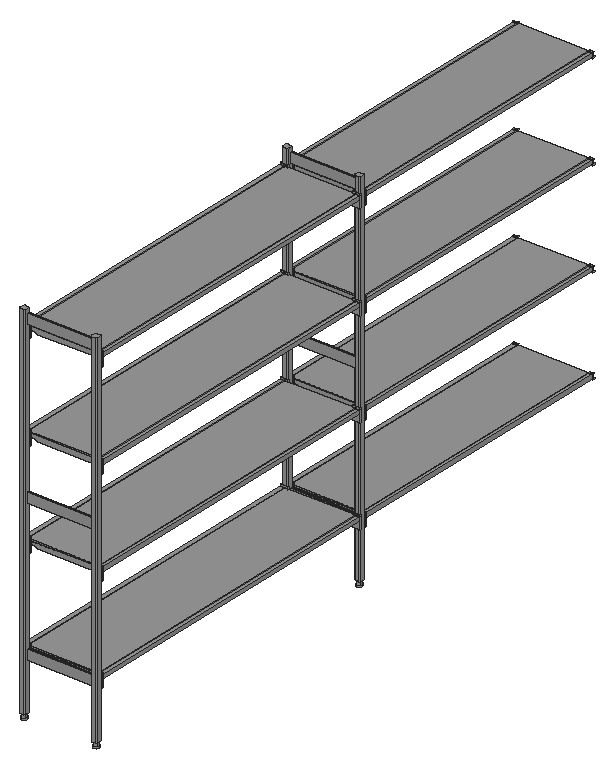
Revit family "QF_ELECTROLUXPROFESSIONAL_137069_ACS2903", category Attrezzature speciali, Revit 2020 (continued)
Definition of nested family "WT_Aggancio373"
  Lines and regions (mm)
    symbolic lines
      curve 6: line (-412, 23, 0) -> (-412, 3.978, 0)
      curve 7: line (-408, 23, 0) -> (-412, 23, 0)
      curve 8: line (-408, 3.978, 0) -> (-408, 23, 0)
  Dimensions and locks
    "Height": plane 5 "TOP" to level
    "Depth": plane 3 "BACK" to plane 4 "FRONT"
    "Dint": plane 7 to plane 8
    equal spacing: plane 7, plane 6 "Center (Front/Back)", plane 8
    equal spacing: plane 3 "BACK", plane 6 "Center (Front/Back)", plane 4 "FRONT"
    plane 9 "FEET" to level = 25.0 mm
    plane 5 "TOP" to plane 9 "FEET" = 1700.0 mm
    plane 10 to plane 9 "FEET" = 250.0 mm
    plane 11 to plane 10 = 450.0 mm
    plane 12 to plane 11 = 450.0 mm
    plane 13 to plane 12 = 450.0 mm
    locked: plane 3 "BACK" to plane 15 "CYBack" at 17.5
    locked: plane 16 "CYFront" to plane 4 "FRONT" at 17.5
    aligned and locked: level to plane 1
    aligned and locked: Extrusion 1 sketch curve to Extrusion 1 sketch curve  (x3)
  Automatic sketch dimensions
    plane 16 "CYFront" to Extrusion 1 sketch curve = 1.478 mm  (x4)
    Extrusion 1 sketch curve to Extrusion 1 sketch curve = 2.0 mm
    plane 8 to Extrusion 1 sketch curve = 3.478 mm  (x4)
    Extrusion 1 sketch curve to plane 10 = 4.006 mm
    Extrusion 1 sketch curve to Extrusion 1 sketch curve = 34.0 mm  (x4)
    Extrusion 1 sketch curve to plane 11 = 4.006 mm
    Extrusion 1 sketch curve to plane 12 = 4.006 mm
    Extrusion 1 sketch curve to plane 13 = 4.006 mm
    Extrusion 1 sketch curve to plane 7 = 37.522 mm  (x4)
    Extrusion 1 sketch curve to plane 7 = 3.522 mm  (x4)
    plane 14 to Extrusion 1 sketch curve = 3.516 mm  (x4)
    plane 14 to Extrusion 1 sketch curve = 1.522 mm  (x4)
    plane 10 to Extrusion 1 sketch curve = 7.998 mm  (x2)
    Extrusion 1 sketch curve to Extrusion 1 sketch curve = 11.498 mm  (x4)
    Extrusion 1 sketch curve to Extrusion 1 sketch curve = 6.499 mm  (x8)
    plane 11 to Extrusion 1 sketch curve = 7.998 mm  (x2)
    plane 12 to Extrusion 1 sketch curve = 7.998 mm  (x2)
    plane 13 to Extrusion 1 sketch curve = 7.998 mm  (x2)
    plane 2 "LEFT" to Extrusion 2 sketch curve = 0.0 mm  (x4)
    plane 13 to Extrusion 2 sketch curve = 7.996 mm
    plane 11 to Extrusion 2 sketch curve = 7.996 mm
    Extrusion 2 sketch curve to Extrusion 2 sketch curve = 5.0 mm  (x4)
    plane 11 to Extrusion 2 sketch curve = 2.494 mm
    plane 10 to Extrusion 2 sketch curve = 28.996 mm
    Extrusion 2 sketch curve to Extrusion 2 sketch curve = 3.0 mm  (x4)
    plane 10 to Extrusion 2 sketch curve = 7.996 mm
    plane 10 to Extrusion 2 sketch curve = 2.494 mm
    Extrusion 2 sketch curve to Extrusion 2 sketch curve = 18.0 mm  (x3)
    plane 12 to Extrusion 2 sketch curve = 2.494 mm
    plane 12 to Extrusion 2 sketch curve = 7.996 mm
    plane 13 to Extrusion 2 sketch curve = 2.494 mm
    plane 2 "LEFT" to Extrusion 3 sketch curve = 0.0 mm  (x4)
    plane 13 to Extrusion 3 sketch curve = 7.996 mm
    plane 11 to Extrusion 3 sketch curve = 7.996 mm
    Extrusion 3 sketch curve to Extrusion 3 sketch curve = 5.0 mm  (x4)
    plane 11 to Extrusion 3 sketch curve = 2.494 mm
    plane 10 to Extrusion 3 sketch curve = 28.996 mm
    Extrusion 3 sketch curve to Extrusion 3 sketch curve = 3.0 mm  (x4)
    plane 10 to Extrusion 3 sketch curve = 7.996 mm
    plane 10 to Extrusion 3 sketch curve = 2.494 mm
    Extrusion 3 sketch curve to Extrusion 3 sketch curve = 18.0 mm  (x3)
    plane 12 to Extrusion 3 sketch curve = 2.494 mm
    plane 12 to Extrusion 3 sketch curve = 7.996 mm
    plane 13 to Extrusion 3 sketch curve = 2.494 mm
    plane 2 "LEFT" to curve 1 = 5.0 mm
    plane 2 "LEFT" to curve 7 = 5.0 mm
    curve 1 to plane 16 "CYFront" = 17.5 mm
    curve 3 to plane 8 = 12.522 mm
    plane 7 to curve 5 = 12.478 mm
    curve 7 to plane 14 = 17.5 mm
    curve 5 to curve 5 = 4.0 mm
    curve 1 to curve 4 = 4.0 mm
    Extrusion 2 sketch curve to Extrusion 2 sketch curve = 4.0 mm  (x4)
    Extrusion 2 sketch curve to Extrusion 2 sketch curve = 8.969 mm  (x4)
    Extrusion 3 sketch curve to Extrusion 3 sketch curve = 4.0 mm  (x4)
    Extrusion 3 sketch curve to Extrusion 3 sketch curve = 8.969 mm  (x4)
